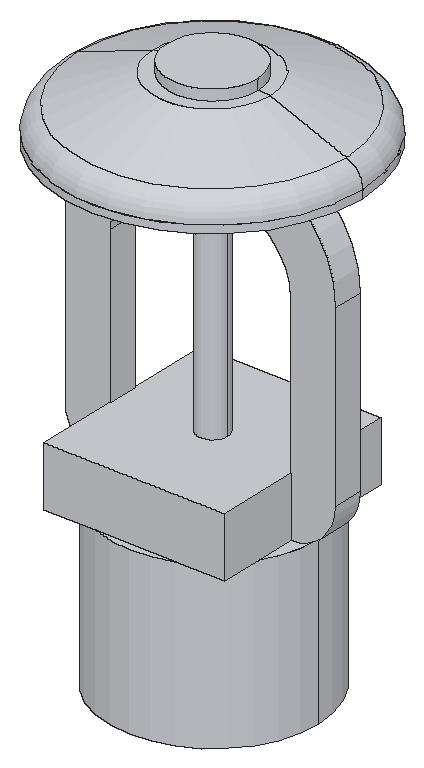
Revit family
Parameters (values of type "RASCO F1FR56-300 UPRIGHT")
  URL = ""
  Temperature Rating = 135 °F
  Response = 1
  RASCO SIN # = "RA2625"
  RASCO Part # = "F1FR56U0B3"
  Pressure Rating = "300 PSI"
  Pressure Class = 1
  Orifice Size = 1/2"
  Orifice = (empty or 0)
  Model = "F1FR56-300"
  Manufacturer = "RASCO"
  K-Factor = 5.6
  Description = "Brz. Finish"
  Coverage = (empty or 0)
Reference planes (in)
  plane 1 "Center (Front/Back)": y = 0
  plane 2: z = 0
  plane 3 "Center (Left/Right)": x = 0
Nested families (in)
  nested 1: "F1FR56U0B3" at (-0.13355, -0.09275, 0), type "RASCO F1FR56-300 UPRIGHT"
Connectors (in)
  piping at (-0.13355, -0.09275, 0)
    settings: on nested 1, index 1, connector radius 77/128", flow factor 0, pipe flow 0 GPM, pressure drop 0.00 psi, fitting loss kfactor 0, connector angle 0.00°, fixture units 0, flow configuration 0, flow direction 0, fitting loss method 0, system type 7, connector reference index -1, connector utility 0, adjustable connector no, is connector primary yes, fitting loss table "", connector description ""
Definition of nested family "F1FR56U0B3"
  Parameters (values of type "RASCO F1FR56-300 UPRIGHT")
    Type Comments = ""
    Temperature Rating = 0 °F
    Response = (empty or 0)
    Pressure Rating = "0"
    Pressure Class = (empty or 0)
    Orifice Size = 0"
    Orifice = (empty or 0)
    Model = ""
    Manufacturer = ""
    K-Factor = 0
    Description = ""
    Coverage = (empty or 0)
    Assembly Code = ""
  Reference planes (in)
    plane 1 "Center (Front/Back)": y = 0
    plane 2: z = 0
    plane 3 "ref.2": z = 0.6875
    plane 4 "ref.3": z = 0.9375
    plane 5: x = -0.38065
    plane 6: x = 0.36935
    plane 7 "ref. side 1": y = 0.06402
    plane 8 "ref. side 2": y = -0.06098
    plane 9 "ref.4": z = 1.875
    plane 10 "ref.5": z = 2.3125
    plane 11 "ref.6": z = 2.4375
  Forms (in)
    Extrusion 1, solid
      sketch origin (0, 0, 0) x (1, 0, 0) y (0, 1, 0)
        loop
          circle (0, 0) r 0.4375
      from 0 to 0.6875
    Extrusion 2, solid
      sketch origin (-0.12185, 0.05177, 0.6875) x (1, 0, 0) y (0, 1, 0)
        loop
          line (-0.2588, 0.356) -> (-0.2588, -0.4565) -> (0.4912, -0.4565) -> (0.4912, 0.356) -> (-0.2588, 0.356)
      from 0 to 0.25
    Extrusion 3, solid
      sketch origin (0, 0, 0) x (1, 0, 0) y (0, 0, 1)
        loop
          line (-0.38065, 0.68754) -> (-0.38065, 1.58397)
          arc (-0.38065, 1.58397) -> (-0.29541, 1.78976) -> (-0.08962, 1.875) r 0.29103
          line (-0.08962, 1.875) -> (0.07524, 1.875)
          arc (0.07524, 1.875) -> (0.28321, 1.78886) -> (0.36935, 1.58089) r 0.29411
          line (0.36935, 1.58089) -> (0.36935, 0.68751)
          arc (0.36935, 0.68751) -> (0.50207, 0.74393) -> (0.55685, 0.87734) r 0.18984
          line (0.55685, 0.87734) -> (0.55685, 1.61676)
          arc (0.55685, 1.61676) -> (0.42629, 1.93194) -> (0.11111, 2.0625) r 0.44574
          line (0.11111, 2.0625) -> (-0.12259, 2.0625)
          arc (-0.12259, 2.0625) -> (-0.43765, 1.932) -> (-0.56815, 1.61694) r 0.44556
          line (-0.56815, 1.61694) -> (-0.56815, 0.87876)
          arc (-0.56815, 0.87876) -> (-0.51345, 0.74486) -> (-0.38065, 0.68754) r 0.19126
      from -0.06402 to 0.06098
    Extrusion 4, solid
      sketch origin (0, 0, 0.9375) x (-1, 0, 0) y (0, -1, 0)
        loop
          circle (0.00574, -0.00152) r 0.0625
      from 0 to 0.9375
    Extrusion 5, solid
      sketch origin (0, 0, 1.875) x (-1, 0, 0) y (0, -1, 0)
        loop
          circle (0.00574, -0.00152) r 0.1875
      from 0 to 0.4375
    Revolve 6, solid
      sketch origin (0, 0, -0.31276) x (1, 0, 0) y (0, 0, 1)
        loop
          line (-0.19324, 2.33367) -> (-0.19324, 2.58367) -> (-0.24995, 2.58367) -> (-0.56395, 2.46314)
          arc (-0.56395, 2.46314) -> (-0.61243, 2.42492) -> (-0.63074, 2.36595) r 0.1041
          line (-0.63074, 2.36595) -> (-0.63074, 2.33367) -> (-0.19324, 2.33367)
        axis (-0.00574, 2.33367) -> (-0.00574, 2.58367)
      angle from 0 to 360
  Cuts and joins
    joined: Extrusion 1, Extrusion 2, Extrusion 4, Revolve 6
  Lines and regions (in)
    model lines
      curve 1: line (-0.00574, 0.06402, 1.875) -> (-0.00574, -0.06098, 1.875)
